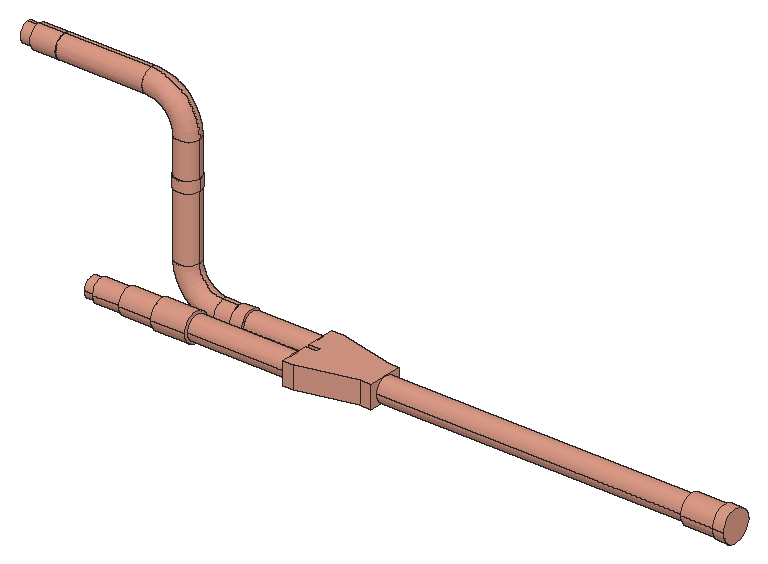
Revit family "outputfile", category 配管付属品, Revit 2024
Family settings
  丸型コネクタ寸法 = 半径を使用
  パーツ タイプ = 標準
  OmniClass 番号 = 23.65.55.00
  OmniClass タイトル = Distribution of Supplied Liquids/Gases
  作業面ベース = いいえ
  常に垂直 = はい
  ロード時にボイドで切り取り = いいえ
  共有 = いいえ
Parameters (values of type "BHFP22MA84_(1)")
  Description = ""
  製造元 = "Daikin"
  書き出し IFC クラス(タイプ) = "IfcPipeFittingType"
  Default Elevation = 0.0 mm
  定義済み IFC タイプ(タイプ) = "JUNCTION"
  Cost = 0
  モデル = "BHFP22MA84_(1)"
  Type Comments = ""
  Keynote = ""
  Type Image = (empty or 0)
  Assembly Code = ""
  table_PipeToCU_B [instance] = if(mm⇔inch, "Multi Module Kit_BHFP22MA-_Gas_PipeToCU_B", "Multi Module Kit_BHFP22MA-_Gas_PipeToCU_B_inch")  # "Multi Module Kit_BHFP22MA-_Gas_PipeToCU_B"
  table_PipeToCU_A [instance] = if(mm⇔inch, "Multi Module Kit_BHFP22MA-_Gas_PipeToCU_A", "Multi Module Kit_BHFP22MA-_Gas_PipeToCU_A_inch")  # "Multi Module Kit_BHFP22MA-_Gas_PipeToCU_A"
  table_ToMainPipe [instance] = if(mm⇔inch, "Multi Module Kit_BHFP22MA-_Gas_ToMainPipe", "Multi Module Kit_BHFP22MA-_Gas_ToMainPipe_inch")  # "Multi Module Kit_BHFP22MA-_Gas_ToMainPipe"
  switch_PipeToCU_B Reducer [instance] = if(and(Is_PipeToCU_B Reducer = 1, judge_IsOffsetPipe_ToOutdoorUnitB = 0), 1 = 1, 1 = 0)  # no
  switch_PipeToCU_B4 [instance] = if(number_PipeToCU_B < 4, 1 = 0, 1 = 1)  # yes
  switch_PipeToCU_B3 [instance] = if(number_PipeToCU_B < 3, 1 = 0, 1 = 1)  # yes
  switch_PipeToCU_B2 [instance] = if(number_PipeToCU_B < 2, 1 = 0, 1 = 1)  # yes
  switch_PipeToCU_A Reducer [instance] = if(Is_PipeToCU_A Reducer = 1, 1 = 1, 1 = 0)  # yes
  switch_ToMainPipe Reducer [instance] = if(Is_ToMainPipe Reducer = 1, 1 = 1, 1 = 0)  # no
  switch_ToMainPipe2 [instance] = if(number_ToMainPipe < 2, 1 = 0, 1 = 1)  # yes
  switch_Offset Reducer(4) [instance] = if(and([judge_JointType(1or2)] = 1, Is_PipeToCU_B Reducer = 1, judge_IsOffsetPipe_ToOutdoorUnitB = 1), 1 = 1, 1 = 0)  # no
  switch_Offset Reducer(3) [instance] = if(and([judge_JointType(1or2)] = 2, Is_PipeToCU_B Reducer = 1, judge_IsOffsetPipe_ToOutdoorUnitB = 1), 1 = 1, 1 = 0)  # no
  r_PipeToCU_B_ActualDiameter [instance] = PipeToCU_B_Gas_ActualDiameter / 2  # 9.55 mm
  r_PipeToCU_A_ActualDiameter [instance] = PipeToCU_A_Gas_ActualDiameter / 2  # 9.55 mm
  r_ToMainPipe_ActualDiameter [instance] = ToMainPipe_Gas_ActualDiameter / 2  # 15.9 mm
  number_PipeToCU_B ReducerPipe [instance] = size_lookup(table_PipeToCU_B, "reducerPipeNumber", 2, モデル, judge_IsOffsetPipe_ToOutdoorUnitB, PipeToCU_B_Gas_ActualDiameter)  # 0
  number_PipeToCU_B [instance] = size_lookup(table_PipeToCU_B, "pipeNumber", 2, モデル, judge_IsOffsetPipe_ToOutdoorUnitB, PipeToCU_B_Gas_ActualDiameter)  # 4
  number_PipeToCU_A ReducerPipe [instance] = size_lookup(table_PipeToCU_A, "reducerPipeNumber", 2, モデル, PipeToCU_A_Gas_ActualDiameter)  # 2
  number_ToMainPipe [instance] = size_lookup(table_ToMainPipe, "pipeNumber", 2, モデル, ToMainPipe_Gas_ActualDiameter)  # 2
  mm⇔inch [instance] = yes
  h_PipeToCU_B Connector [instance] = if(Is_PipeToCU_B Reducer = 1, 200.0 mm, 0.0 mm)  # 0.0 mm
  h_PipeToCU_A Connector [instance] = if(Is_PipeToCU_A Reducer = 1, 200.0 mm, 0.0 mm)  # 200.0 mm
  angle_PipeToCU_B Reducer [instance] = 90.00°  # constant formula
  Unit Type = "BHFP22MA-_Gas"
  Uniclass2015Version = "Products v1.31"
  Uniclass2015Title = "Copper pipe fittings"
  Uniclass2015Code = "Pr_65_52_63_18"
  URL = ""
  ToMainPipe_Gas_Status [instance] = size_lookup(table_ToMainPipe, "Information", "The connected pipe size is not available.", モデル, ToMainPipe_Gas_ActualDiameter)  # "Default connector size is used."
  ToMainPipe_Gas_ActualDiameter [instance] = 31.8 mm
  Tag No. [instance] = ""
  Series = "Multi Module kit"
  PipeToCU_B_Gas_Status [instance] = size_lookup(table_PipeToCU_B, "Information", "The connected pipe size is not available.", モデル, judge_IsOffsetPipe_ToOutdoorUnitB, PipeToCU_B_Gas_ActualDiameter)  # "Default connector size is used."
  PipeToCU_B_Gas_ActualDiameter [instance] = 19.1 mm
  PipeToCU_A_Gas_Status [instance] = size_lookup(table_PipeToCU_A, "Information", "The connected pipe size is not available.", モデル, PipeToCU_A_Gas_ActualDiameter)  # "Reducer is used at connector."
  PipeToCU_A_Gas_ActualDiameter [instance] = 19.1 mm
  Material_Piping = DAIKIN_Copper_Pipe
  Material_Insulation = DAIKIN_White_Insulation
  location_PipeToCU_B connector [instance] = size_lookup(table_PipeToCU_B, "Locationconnector", 0.0 mm, モデル, judge_IsOffsetPipe_ToOutdoorUnitB, PipeToCU_B_Gas_ActualDiameter)  # 0.0 mm
  location_PipeToCU_A connector [instance] = size_lookup(table_PipeToCU_A, "Locationconnector", 0.0 mm, モデル, PipeToCU_A_Gas_ActualDiameter)  # 0.0 mm
  l_PipeToCU_B connector [instance] = size_lookup(table_PipeToCU_B, "Length", 414.0 mm, モデル, judge_IsOffsetPipe_ToOutdoorUnitB, PipeToCU_B_Gas_ActualDiameter)  # 221.5 mm
  l_PipeToCU_B Reducer [instance] = 100.0 mm  # constant formula
  l_PipeToCU_B4 [instance] = size_lookup(table_PipeToCU_B, "L_Pipe4", 10.0 mm, モデル)  # 10.0 mm
  l_PipeToCU_B3 [instance] = size_lookup(table_PipeToCU_B, "L_Pipe3", 30.0 mm, モデル)  # 30.0 mm
  l_PipeToCU_B2 [instance] = size_lookup(table_PipeToCU_B, "L_Pipe2", 36.0 mm, モデル)  # 36.0 mm
  l_PipeToCU_B1 [instance] = size_lookup(table_PipeToCU_B, "L_Pipe1", 37.5 mm, モデル)  # 37.5 mm
  l_PipeToCU_B0 [instance] = size_lookup(table_PipeToCU_B, "L_Pipe0", 108.0 mm, モデル)  # 108.0 mm
  l_PipeToCU_A connector [instance] = size_lookup(table_PipeToCU_A, "Length", 320.0 mm, モデル, PipeToCU_A_Gas_ActualDiameter)  # 320.0 mm
  l_PipeToCU_A1 [instance] = size_lookup(table_PipeToCU_A, "L_Pipe1", 13.0 mm, モデル)  # 13.0 mm
  l_PipeToCU_A0 [instance] = size_lookup(table_PipeToCU_A, "L_Pipe0", 75.0 mm, モデル)  # 75.0 mm
  l_ToMainPipe connector [instance] = size_lookup(table_ToMainPipe, "Length", 384.0 mm, モデル, ToMainPipe_Gas_ActualDiameter)  # 384.0 mm
  l_ToMainPipe Reducer [instance] = size_lookup(table_ToMainPipe, "L_Reducer", 2.0 mm, モデル, ToMainPipe_Gas_ActualDiameter)  # 2.0 mm
  l_ToMainPipe2 [instance] = size_lookup(table_ToMainPipe, "L_Pipe2", 12.0 mm, モデル)  # 12.0 mm
  l_ToMainPipe1 [instance] = size_lookup(table_ToMainPipe, "L_Pipe1", 36.0 mm, モデル)  # 36.0 mm
  l_ToMainPipe0 [instance] = size_lookup(table_ToMainPipe, "L_Pipe0", 336.0 mm, モデル)  # 336.0 mm
  judge_IsOffsetPipe_ToOutdoorUnitB [instance] = 0  # constant formula
  judge_JointType(1or2) = 1
  count_PipeToCU_B Reducer [instance] = size_lookup(table_PipeToCU_B, "reducerCount", 1, モデル, judge_IsOffsetPipe_ToOutdoorUnitB, PipeToCU_B_Gas_ActualDiameter)  # 0
  count_PipeToCU_A Reducer [instance] = size_lookup(table_PipeToCU_A, "reducerCount", 1, モデル, PipeToCU_A_Gas_ActualDiameter)  # 1
  angle_PipeToCU_A Reducer [instance] = 90.00°  # constant formula
  angle_PipeToCU_A Connector [instance] = 90.00°  # constant formula
  PipeToCU_B_Gas_AvailableDiameter [instance] = size_lookup(table_PipeToCU_B, "sizeVariation", "", モデル, judge_IsOffsetPipe_ToOutdoorUnitB)  # "19.1/22.2/25.4/28.6mm"
  PipeToCU_A_Gas_AvailableDiameter [instance] = size_lookup(table_PipeToCU_A, "sizeVariation", "", モデル)  # "19.1/22.2mm"
  ToMainPipe_Gas_AvailableDiameter [instance] = size_lookup(table_ToMainPipe, "sizeVariation", "", モデル)  # "28.6/31.8/34.9mm"
  O.D_ToMainPipe Reducer [instance] = size_lookup(table_ToMainPipe, "O.D_reducer", 2.0 mm, モデル, ToMainPipe_Gas_ActualDiameter)  # 2.0 mm
  Link_Nested Family [instance] = ""
  Is_PipeToCU_B Reducer [instance] = size_lookup(table_PipeToCU_B, "IsReducer", 1, モデル, judge_IsOffsetPipe_ToOutdoorUnitB, PipeToCU_B_Gas_ActualDiameter)  # 0
  Is_PipeToCU_A Reducer [instance] = size_lookup(table_PipeToCU_A, "IsReducer", 1, モデル, PipeToCU_A_Gas_ActualDiameter)  # 1
  Is_ToMainPipe Reducer [instance] = size_lookup(table_ToMainPipe, "IsReducer", 0, モデル, ToMainPipe_Gas_ActualDiameter)  # 0
  IfcVersion = ""
  IfcExportType = "JUNCTION"
  IfcExportAs = "IfcPipeFittingType"
  Attach_Insulation [instance] = no
  I.D_PipeToCU_B4 [instance] = size_lookup(table_PipeToCU_B, "I.D_PipeSize4", 19.1 mm, モデル)  # 19.1 mm
  I.D_PipeToCU_B3 [instance] = size_lookup(table_PipeToCU_B, "I.D_PipeSize3", 22.2 mm, モデル)  # 22.2 mm
  I.D_PipeToCU_B2 [instance] = size_lookup(table_PipeToCU_B, "I.D_PipeSize2", 25.4 mm, モデル)  # 25.4 mm
  I.D_PipeToCU_B1 [instance] = size_lookup(table_PipeToCU_B, "I.D_PipeSize1", 28.6 mm, モデル)  # 28.6 mm
  I.D_PipeToCU_B0 [instance] = size_lookup(table_PipeToCU_B, "I.D_PipeSize0", 23.4 mm, モデル)  # 23.4 mm
  I.D_PipeToCU_A1 [instance] = 25.4 mm  # constant formula
  I.D_PipeToCU_A0 [instance] = 22.2 mm  # constant formula
  I.D_ToMainPipe Reducer [instance] = size_lookup(table_ToMainPipe, "I.D_reducer", 2.0 mm, モデル, ToMainPipe_Gas_ActualDiameter)  # 2.0 mm
  I.D_ToMainPipe2 [instance] = size_lookup(table_ToMainPipe, "I.D_PipeSize2", 31.8 mm, モデル)  # 31.8 mm
  I.D_ToMainPipe1 [instance] = size_lookup(table_ToMainPipe, "I.D_PipeSize1", 28.6 mm, モデル)  # 28.6 mm
  I.D_ToMainPipe0 [instance] = size_lookup(table_ToMainPipe, "I.D_PipeSize0", 23.4 mm, モデル)  # 23.4 mm
Reference planes
  plane 1 "Center (Front/Back)": y = 0
  plane 2: z = 0
  plane 3 "Center (Left/Right)": x = 225.65
  plane 4: x = 213.65
  plane 5: x = 177.65
  plane 6: x = -158.35
  plane 7: x = -243.35
  plane 8: x = -331.35
  plane 9: x = -351.35
  plane 10: x = -388.85
  plane 11: x = -424.85
  plane 12: x = -454.85
  plane 13: x = -464.85
  plane 14: y = 17.5
  plane 15: y = -17.491
  plane 16: x = -318.35
  plane 17: x = -108.35
  plane 18 "ToMainPipe_connector": x = 225.65
  plane 19 "connector_OutdoorunitA": x = -243.35
  plane 20 "connectorLocation_TooutdoorUnitB": y = -17.491
  plane 21 "connector_ToOutdoorUnitB": x = -464.85
Forms (mm)
  Extrusion 1, solid, material "DAIKIN_Copper_Pipe" <- "Material_Piping"
    sketch origin (0, 0, 0) x (1, 0, 0) y (0, 1, 0)
      loop
        line (-243.35, 1.998) -> (-231.35, 1.998) -> (-231.35, -1.998) -> (-243.35, -1.998) -> (-243.35, -33.29) -> (-231.35, -33.29) -> (-170.35, -19.109) -> (-158.35, -19.109) -> (-158.35, 18.821) -> (-170.35, 18.821) -> (-231.35, 33.29) -> (-243.35, 33.29) -> (-243.35, 1.998)
    from -12.2 to 12.2
Dimensions and locks
  locked: Extrusion 1 sketch curve to Extrusion 1 sketch curve at 37.93
  locked: Extrusion 1 sketch curve to Extrusion 1 sketch curve at 66.58
  locked: plane 6 to plane 17 at 50
  "l_PipeToCU_A0": plane 16 to plane 7
  "l_PipeToCU_A1": plane 8 to plane 16
  "l_PipeToCU_B0": plane 9 to plane 7
  "l_PipeToCU_B1": plane 10 to plane 9
  "l_PipeToCU_B2": plane 11 to plane 10
  "l_PipeToCU_B3": plane 12 to plane 11
  "l_PipeToCU_B4": plane 13 to plane 12
  locked: plane 7 to plane 6 at 85
  plane 17 to plane 5 = 286.0 mm
  "l_ToMainPipe1": plane 5 to plane 4
  "l_ToMainPipe2": plane 4 to plane 3 "Center (Left/Right)"
  "l_ToMainPipe0": plane 6 to plane 5
  "l_ToMainPipe connector": plane 6 to plane 18 "ToMainPipe_connector"
  "location_PipeToCU_A connector": plane 19 "connector_OutdoorunitA" to plane 7
  "l_PipeToCU_B connector": plane 21 "connector_ToOutdoorUnitB" to plane 7
  "location_PipeToCU_B connector": plane 20 "connectorLocation_TooutdoorUnitB" to plane 15
  plane 14 to plane 1 "Center (Front/Back)" to plane 15 = 17.5 mm locked, 17.491 mm locked
  plane 21 "connector_ToOutdoorUnitB" to plane 18 "ToMainPipe_connector" = 690.5 mm
  aligned and locked: level to plane 2
  aligned and locked: plane 2 to nested 1
  aligned and locked: plane 1 "Center (Front/Back)" to nested 1
  aligned and locked: plane 3 "Center (Left/Right)" to nested 1
  aligned and locked: plane 4 to nested 1
  aligned and locked: plane 4 to nested 2
  aligned and locked: plane 5 to nested 2
  aligned and locked: plane 5 to nested 3
  aligned and locked: plane 6 to nested 3
  aligned and locked: plane 6 to Extrusion 1
  aligned and locked: Extrusion 1 to plane 7  (x2)
  aligned and locked: plane 7 to nested 4
  aligned and locked: plane 8 to nested 5
  aligned and locked: plane 16 to nested 5
  aligned and locked: nested 5 to plane 14
  aligned and locked: nested 6 to plane 15
  aligned and locked: plane 7 to nested 6
  aligned and locked: plane 9 to nested 6
  aligned and locked: plane 10 to nested 7
  aligned and locked: plane 9 to nested 7
  aligned and locked: plane 11 to nested 8
  aligned and locked: plane 10 to nested 8
  aligned and locked: plane 12 to nested 9
  aligned and locked: plane 11 to nested 9
  aligned and locked: plane 13 to nested 10
  aligned and locked: plane 12 to nested 10
  aligned and locked: nested 10 to plane 15
  aligned and locked: nested 9 to plane 15
  aligned and locked: nested 8 to plane 15
  aligned and locked: nested 7 to plane 15
  aligned and locked: plane 1 "Center (Front/Back)" to nested 11
  aligned and locked: plane 17 to nested 11
  aligned and locked: plane 16 to nested 4
  aligned and locked: nested 12 to plane 14
  aligned and locked: plane 8 to nested 12
  aligned and locked: plane 1 "Center (Front/Back)" to nested 13
  aligned and locked: plane 18 "ToMainPipe_connector" to nested 13
  aligned and locked: plane 6 to nested 14
  aligned and locked: plane 1 "Center (Front/Back)" to nested 3
  aligned and locked: plane 14 to nested 15
  aligned and locked: nested 15 to plane 19 "connector_OutdoorunitA"
  aligned and locked: nested 16 to plane 20 "connectorLocation_TooutdoorUnitB"
  aligned and locked: nested 16 to plane 7
  aligned and locked: plane 11 to nested 17
  aligned and locked: nested 16 to plane 15
Automatic sketch dimensions
  Extrusion 1 sketch curve to plane 7 = 0.0 mm  (x2)
  Extrusion 1 sketch curve to plane 6 = 0.0 mm
  Extrusion 1 sketch curve to Extrusion 1 sketch curve = 12.0 mm  (x3)
  Extrusion 1 sketch curve to plane 1 "Center (Front/Back)" = 1.998 mm
  plane 14 to Extrusion 1 sketch curve = 1.321 mm
  Extrusion 1 sketch curve to plane 6 = 12.0 mm  (x2)
  Extrusion 1 sketch curve to plane 15 = 15.799 mm
  plane 1 "Center (Front/Back)" to Extrusion 1 sketch curve = 1.998 mm
Nested families
  nested 1: "daikin_Pipe" at (219.65, 0, 0), I.D_Pipe <- "I.D_ToMainPipe2", display <- "switch_ToMainPipe2", type "*"
    with length_Pipe 12.0 mm, display yes, O.D_Pipe 33.8 mm, I.D_Pipe 31.8 mm
  nested 2: "daikin_Pipe" at (195.65, 0, 0), I.D_Pipe <- "I.D_ToMainPipe1", type "*"
    with length_Pipe 36.0 mm, display yes, O.D_Pipe 30.6 mm, I.D_Pipe 28.6 mm
  nested 3: "daikin_Pipe" at (9.65, 0, 0), I.D_Pipe <- "I.D_ToMainPipe0", type "*"
    with length_Pipe 336.0 mm, display yes, O.D_Pipe 25.4 mm, I.D_Pipe 23.4 mm
  nested 4: "daikin_Pipe" at (-280.85, 17.644, 0), I.D_Pipe <- "I.D_PipeToCU_A0", type "*"
    with length_Pipe 75.0 mm, display yes, O.D_Pipe 24.2 mm, I.D_Pipe 22.2 mm
  nested 5: "daikin_Pipe" at (-324.85, 17.5, 0), I.D_Pipe <- "I.D_PipeToCU_A1", type "*"
    with length_Pipe 13.0 mm, display yes, O.D_Pipe 27.4 mm, I.D_Pipe 25.4 mm
  nested 6: "daikin_Pipe" at (-297.35, -17.491, 0), I.D_Pipe <- "I.D_PipeToCU_B0", type "*"
    with length_Pipe 108.0 mm, display yes, O.D_Pipe 25.4 mm, I.D_Pipe 23.4 mm
  nested 7: "daikin_Pipe" at (-370.1, -17.491, 0), I.D_Pipe <- "I.D_PipeToCU_B1", type "*"
    with length_Pipe 37.5 mm, display yes, O.D_Pipe 30.6 mm, I.D_Pipe 28.6 mm
  nested 8: "daikin_Pipe" at (-406.85, -17.491, 0), I.D_Pipe <- "I.D_PipeToCU_B2", display <- "switch_PipeToCU_B2", type "*"
    with length_Pipe 36.0 mm, display yes, O.D_Pipe 27.4 mm, I.D_Pipe 25.4 mm
  nested 9: "daikin_Pipe" at (-439.85, -17.491, 0), display <- "switch_PipeToCU_B3", I.D_Pipe <- "I.D_PipeToCU_B3", visible <- "switch_PipeToCU_B3", type "*"
    with length_Pipe 30.0 mm, display yes, O.D_Pipe 24.2 mm, I.D_Pipe 22.2 mm
  nested 10: "daikin_Pipe" at (-459.85, -17.491, 0), display <- "switch_PipeToCU_B4", I.D_Pipe <- "I.D_PipeToCU_B4", visible <- "switch_PipeToCU_B4", type "*"
    with length_Pipe 10.0 mm, display yes, O.D_Pipe 21.1 mm, I.D_Pipe 19.1 mm
  nested 11: "daikin_MultiModeluKit_Insulation" at (-108.35, 0, 0), display <- "Attach_Insulation", type "*"
    with h 54.2 mm, display no, I.D_Outlet PipeSize 22.2 mm
  nested 12: "daikin_Multi Module kit_Reducer90_rotate" at (-331.35, 17.5, 0), number_reducerPipe <- "number_PipeToCU_A ReducerPipe", angle_Pipe <- "angle_PipeToCU_A Reducer", visible <- "switch_PipeToCU_A Reducer", type "PipeToCU_A"
    with number_reducerPipe 2, angle_Pipe 90.00°, I.D_connector 19.1 mm
  nested 13: "daikin_Pipe_reducer" at (224.65, 0, 0), I.D_Pipe1 <- "I.D_ToMainPipe Reducer", O.D_Pipe2 <- "O.D_ToMainPipe Reducer", length_Pipe <- "l_ToMainPipe Reducer", display <- "switch_ToMainPipe Reducer", type "*"
    with length_Pipe 2.0 mm, display no, O.D_Pipe2 2.0 mm, O.D_Pipe1 4.0 mm, I.D_Pipe2 0.0 mm, I.D_Pipe1 2.0 mm
  nested 14: "daikin_connector_rotate3" at (-158.35, 0, 0) x (0, 1, 0) z (0, 0, 1), length <- "l_ToMainPipe connector", type "daikin_connector_rotate3"
    with radius 10.0 mm, length 384.0 mm, angle_vertical 90.00°, angle_horizontal 0.00°
  nested 15: "daikin_connector_rotate3" at (-243.35, 17.5, 200) x (-1, 0, 0) z (0, 0, 1), length <- "l_PipeToCU_A connector", angle_vertical <- "angle_PipeToCU_A Connector", built-in parameter 1001364 <- "h_PipeToCU_A Connector", type "daikin_connector_rotate3"
    with radius 10.0 mm, length 320.0 mm, angle_vertical 90.00°, angle_horizontal 90.00°
  nested 16: "daikin_connector_rotate3" at (-243.35, -17.491, 0) x (0, -1, 0) z (0, 0, 1), length <- "l_PipeToCU_B connector", built-in parameter 1001364 <- "h_PipeToCU_B Connector", type "daikin_connector_rotate3"
    with radius 10.0 mm, length 221.5 mm, angle_vertical 90.00°, angle_horizontal 0.00°
  nested 17: "daikin_Multi Module kit_Reducer90_rotate" at (-424.85, -17.491, 0), number_reducerPipe <- "number_PipeToCU_B ReducerPipe", angle_Pipe <- "angle_PipeToCU_B Reducer", visible <- "switch_PipeToCU_B Reducer", type "PipeToCU_B"
    with number_reducerPipe 0, angle_Pipe 90.00°, I.D_connector 34.9 mm, l_Pipe0 57.5 mm
Connectors
  piping at (225.65, 0, 0), diameter 31.8, driven by "r_ToMainPipe_ActualDiameter"
    settings: on nested 14, index 1, connector inside diameter 609.6 mm, connector length 0.0 mm, flow factor 0, pipe flow 0.00 m³/h, pressure drop 0.0 Pa, fitting loss kfactor 0, connector angle 0.00°, fixture units 0, engagement length 0.0 mm, angle of deflection 0.00°, flow configuration 0, flow direction 1, fitting loss method 0, system type 29, joint type 0, gender type 0, connector reference index -1, connector utility 0, adjustable connector no, is connector primary yes, connector description "Multi Module kit_to Main Pipe_Gas"
  piping at (-563.35, 17.5, 200), diameter 19.1, driven by "r_PipeToCU_A_ActualDiameter"
    settings: on nested 15, index 2, connector inside diameter 609.6 mm, connector length 0.0 mm, flow factor 0, pipe flow 0.00 m³/h, pressure drop 0.0 Pa, fitting loss kfactor 0, connector angle 0.00°, fixture units 0, engagement length 0.0 mm, angle of deflection 0.00°, flow configuration 0, flow direction 2, fitting loss method 0, system type 29, joint type 0, gender type 0, connector reference index -1, connector utility 0, adjustable connector no, is connector primary no, connector description "Multi Module kit_Piping to CU-A_Gas"
  piping at (-464.85, -17.491, 0), diameter 19.1, driven by "r_PipeToCU_B_ActualDiameter"
    settings: on nested 16, index 3, connector inside diameter 609.6 mm, connector length 0.0 mm, flow factor 0, pipe flow 0.00 m³/h, pressure drop 0.0 Pa, fitting loss kfactor 0, connector angle 0.00°, fixture units 0, engagement length 0.0 mm, angle of deflection 0.00°, flow configuration 0, flow direction 2, fitting loss method 0, system type 29, joint type 0, gender type 0, connector reference index -1, connector utility 0, adjustable connector no, is connector primary no, connector description "Multi Module kit_Piping to CU-B_Gas"
Definition of nested family "daikin_Pipe"
  Parameters (values of type "*")
    Default Elevation = 0.0 mm
    material = none
    length_Pipe [instance] = 150.0 mm
    display [instance] = yes
    O.D_Pipe [instance] = I.D_Pipe + 2.0 mm  # 27.0 mm
    I.D_Pipe [instance] = 25.0 mm
  Reference planes
    plane 1 "Center (Front/Back)": y = 0
    plane 2 "center(vertical)": z = 0
    plane 3 "Center (Left/Right)": x = 0
    plane 4 "left": x = -75
    plane 5 "right": x = 75
  Forms (mm)
    Extrusion 1, solid, material <- "material", visible <- "display"
      sketch origin (0, 0, 0) x (0, 1, 0) y (0, 0, 1)
        loop
          circle (0, 0) r 13.5
      from -75 to 75
  Dimensions and locks
    equal spacing: plane 4 "left", plane 3 "Center (Left/Right)", plane 5 "right"
    "length_Pipe": plane 4 "left" to plane 5 "right"
    "O.D_Pipe": diameter of Extrusion 1 sketch curve
    aligned and locked: level to plane 2 "center(vertical)"
    aligned and locked: plane 2 "center(vertical)" to Extrusion 1 sketch curve
    aligned and locked: plane 1 "Center (Front/Back)" to Extrusion 1 sketch curve
    aligned and locked: plane 5 "right" to Extrusion 1
    aligned and locked: Extrusion 1 to plane 4 "left"
Definition of nested family "daikin_Multi Module kit_Reducer90_rotate"
  Parameters (values of type "PipeToCU_A")
    Default Elevation = 0.0 mm
    number_reducerPipe [instance] = 4
    material_Pipe = none
    l_Pipe0 = 57.0 mm
    angle_Pipe [instance] = 30.00°
    I.D_connector [instance] = 34.9 mm
  Types (2, lengths in mm): name | l_Pipe0
    PipeToCU_A | 57.0
    PipeToCU_B | 55.0
  Reference planes
    plane 1 "Center (Front/Back)": y = 0
    plane 2: z = 0
    plane 3 "Center (Left/Right)": x = 0
  Dimensions and locks
    "angle_Pipe": angle plane 2 to nested 1
    aligned and locked: level to plane 2
  Nested families
    nested 1: "daikin_Multi Module kit_Reducer90" at (0, 0, 0) x (1, 0, 0) z (0, -0.5, 0.866), I.D_connector <- "I.D_connector", ReducerPipe <- "number_reducerPipe", l_Pipe0 <- "l_Pipe0", type "*"
      with l_Pipe0 57.0 mm, display_Pipe4 no, display_Pipe3 no, ReducerPipe 4, I.D_connector 34.9 mm
  Definition of nested family "daikin_Multi Module kit_Reducer90"
    Parameters (values of type "*")
      Default Elevation = 0.0 mm
      material_Pipe = none
      l_Pipe0 [instance] = 57.0 mm
      display_Pipe4 [instance] = ReducerPipe = 2  # no
      display_Pipe3 [instance] = or(ReducerPipe = 1, ReducerPipe = 2)  # no
      ReducerPipe [instance] = 0
      O.D_Pipe4 = 19.1 mm + 2.0 mm  # 21.1 mm
      O.D_Pipe3 = 24.9 mm  # constant formula
      O.D_Pipe2 = 25.4 mm  # constant formula
      O.D_Pipe1 = 27.4 mm  # constant formula
      O.D_Pipe0 = 25.4 mm  # constant formula
      I.D_connector [instance] = 0.0 mm
    Reference planes
      plane 1 "Center (Front/Back)": y = 0
      plane 2 "center_vertical": z = 0
      plane 3 "Center (Left/Right)": x = 0
      plane 4 "center_toOutdoor": x = -57
      plane 5: y = 110
      plane 6: y = 122
      plane 7: y = 200
      plane 8: x = -192
      plane 9: x = -220
      plane 10: x = -232
    Forms (mm)
      Sweep 1, solid, material <- "material_Pipe"
        path origin (0, 0, 0) x (1, 0, 0) y (0, 1, 0)
          loop
            line (0, 0) -> (-18.241, 0)
            arc (-18.241, 0) -> (-45.648, 11.352) -> (-57, 38.759) r 38.759
            line (-57, 38.759) -> (-57, 110)
        profile origin (-9.12, 0, 0) x (0, -1, 0) y (0, 0, 1)
          loop
            circle (0, 0) r 12.7
      Extrusion 2, solid, material <- "material_Pipe"
        sketch origin (0, 0, 0) x (1, 0, 0) y (0, 0, 1)
          loop
            circle (-57, 0) r 13.7
        from -122 to -110
      Sweep 3, solid, material <- "material_Pipe"
        path origin (0, 0, 0) x (1, 0, 0) y (0, 1, 0)
          loop
            line (-57, 122) -> (-57, 160)
            arc (-57, 160) -> (-68.716, 188.284) -> (-97, 200) r 40
            line (-97, 200) -> (-192, 200)
        profile origin (-57, 141, 0) x (-1, 0, 0) y (0, 0, 1)
          loop
            circle (0, 0) r 12.7
      Extrusion 4, solid, material <- "material_Pipe", visible <- "display_Pipe3"
        sketch origin (0, 0, 0) x (0, 1, 0) y (0, 0, 1)
          loop
            circle (200, 0) r 12.45
        from -220 to -192
      Extrusion 5, solid, material <- "material_Pipe", visible <- "display_Pipe4"
        sketch origin (0, -10.14, 0) x (0, 1, 0) y (0, 0, 1)
          loop
            circle (210.14, 0) r 10.55
        from -232 to -220
    Lines and regions (mm)
      reference lines
        curve 1: line (0, 0, 0) -> (-57, 0, 0)
    Dimensions and locks
      locked: plane 1 "Center (Front/Back)" to plane 5 at 110
      locked: plane 6 to plane 5 at 12
      "l_Pipe0": plane 4 "center_toOutdoor" to plane 3 "Center (Left/Right)"
      plane 1 "Center (Front/Back)" to plane 7 = 200.0 mm
      locked: plane 8 to plane 4 "center_toOutdoor" at 135
      locked: plane 9 to plane 8 at 28
      locked: plane 10 to plane 9 at 12
      plane 10 to plane 3 "Center (Left/Right)" = 232.0 mm
      "O.D_Pipe0": diameter of Sweep 1 sketch curve
      "O.D_Pipe1": diameter of Extrusion 2 sketch curve
      "O.D_Pipe2": diameter of Sweep 3 sketch curve
      "O.D_Pipe3": diameter of Extrusion 4 sketch curve
      "O.D_Pipe4": diameter of Extrusion 5 sketch curve
      aligned and locked: level to plane 2 "center_vertical"
      aligned and locked: plane 6 to Extrusion 2
      aligned and locked: Extrusion 2 to plane 5
      aligned and locked: Sweep 1 sketch curve to plane 1 "Center (Front/Back)"
      aligned and locked: plane 3 "Center (Left/Right)" to curve 1
      aligned and locked: curve 1 to plane 1 "Center (Front/Back)"
      aligned and locked: plane 4 "center_toOutdoor" to Sweep 3 sketch curve
      aligned and locked: plane 2 "center_vertical" to Sweep 3 sketch curve
      aligned and locked: plane 2 "center_vertical" to Extrusion 4 sketch curve
      aligned and locked: plane 7 to Extrusion 4 sketch curve
      aligned and locked: Extrusion 4 to plane 9
      aligned and locked: plane 8 to Extrusion 4
      aligned and locked: Extrusion 5 to plane 10
      aligned and locked: plane 9 to Extrusion 5
      aligned and locked: plane 7 to Extrusion 5 sketch curve
      aligned and locked: plane 2 "center_vertical" to Extrusion 5 sketch curve
    Automatic sketch dimensions
      Sweep 1 sketch curve to plane 4 "center_toOutdoor" = 0.0 mm
      Sweep 1 sketch curve to plane 3 "Center (Left/Right)" = 0.0 mm
      Sweep 1 sketch curve to plane 5 = 0.0 mm
      Sweep 1 sketch curve to plane 3 "Center (Left/Right)" = 18.241 mm
      curve 1 to plane 4 "center_toOutdoor" = 0.0 mm
      Sweep 3 sketch curve to plane 7 = 0.0 mm
      Sweep 3 sketch curve to plane 8 = 0.0 mm
      Sweep 3 sketch curve to plane 4 "center_toOutdoor" = 0.0 mm
      Sweep 3 sketch curve to plane 6 = 0.0 mm
      Sweep 3 sketch curve to plane 4 "center_toOutdoor" = 40.0 mm
      Sweep 1 sketch curve to level = 0.0 mm
      Sweep 1 sketch curve to profile plane = 0.0 mm
      Extrusion 2 sketch curve to level = 0.0 mm
      Extrusion 2 sketch curve to plane 4 "center_toOutdoor" = 0.0 mm
Definition of nested family "daikin_MultiModeluKit_Insulation"
  Parameters (values of type "*")
    Default Elevation = 0.0 mm
    Model = ""
    material = none
    h [instance] = (I.D_Outlet PipeSize + 2.0 mm) + 30.0 mm  # 47.0 mm
    display [instance] = yes
    I.D_Outlet PipeSize [instance] = 15.0 mm
  Reference planes
    plane 1 "Center (Front/Back)": y = 0
    plane 2: z = 0
    plane 3 "Left": x = 0
    plane 4 "top": z = 23.5
    plane 5 "bottom": z = -23.5
  Forms (mm)
    Extrusion 1, solid, material <- "material", visible <- "display"
      sketch origin (0, 0, 0) x (1, 0, 0) y (0, 1, 0)
        loop
          line (0, -27.7) -> (0, 27.7) -> (-123, 45.79) -> (-206, 45.79) -> (-206, 7.021) -> (-269.393, 10) -> (-321, 10) -> (-321, -45.79) -> (-123, -45.79) -> (0, -27.7)
      from -23.5 to 23.5
  Dimensions and locks
    equal spacing: plane 4 "top", plane 2, plane 5 "bottom"
    "h": plane 4 "top" to plane 5 "bottom"
    aligned and locked: level to plane 2
    aligned and locked: plane 3 "Left" to Extrusion 1
    aligned and locked: Extrusion 1 to plane 5 "bottom"
    aligned and locked: plane 4 "top" to Extrusion 1
  Automatic sketch dimensions
    Extrusion 1 sketch curve to plane 3 "Left" = 0.0 mm
    Extrusion 1 sketch curve to plane 1 "Center (Front/Back)" = 45.79 mm
    Extrusion 1 sketch curve to plane 3 "Left" = 123.0 mm
    Extrusion 1 sketch curve to Extrusion 1 sketch curve = 83.0 mm
    Extrusion 1 sketch curve to plane 1 "Center (Front/Back)" = 10.0 mm
    Extrusion 1 sketch curve to Extrusion 1 sketch curve = 63.393 mm
    Extrusion 1 sketch curve to Extrusion 1 sketch curve = 51.607 mm
    Extrusion 1 sketch curve to plane 1 "Center (Front/Back)" = 7.021 mm
    plane 1 "Center (Front/Back)" to Extrusion 1 sketch curve = 45.79 mm
    Extrusion 1 sketch curve to plane 1 "Center (Front/Back)" = 27.7 mm
    Extrusion 1 sketch curve to Extrusion 1 sketch curve = 0.0 mm
    plane 1 "Center (Front/Back)" to Extrusion 1 sketch curve = 27.7 mm
Definition of nested family "daikin_Pipe_reducer"
  Parameters (values of type "*")
    Default Elevation = 0.0 mm
    material = none
    length_Pipe [instance] = 250.0 mm
    display [instance] = yes
    O.D_Pipe2 [instance] = 19.1 mm
    O.D_Pipe1 [instance] = I.D_Pipe1 + 2.0 mm  # 24.2 mm
    I.D_Pipe2 [instance] = O.D_Pipe2 - 2.0 mm  # 17.1 mm
    I.D_Pipe1 [instance] = 22.2 mm
  Reference planes
    plane 1 "Center (Front/Back)": y = 0
    plane 2 "center(vertical)": z = 0
    plane 3 "Center (Left/Right)": x = 0
    plane 4 "connection": x = -125
    plane 5 "right": x = 113
    plane 6: x = 125
  Forms (mm)
    Extrusion 1, solid, material <- "material", visible <- "display"
      sketch origin (0, 0, 0) x (0, 1, 0) y (0, 0, 1)
        loop
          circle (0, 0) r 9.55
      from -125 to 113
    Extrusion 2, solid, material <- "material", visible <- "display"
      sketch origin (0, 0, 0) x (0, 1, 0) y (0, 0, 1)
        loop
          circle (0, 0) r 12.1
      from 113 to 125
  Dimensions and locks
    locked: plane 5 "right" to plane 6 at 12
    "length_Pipe": plane 4 "connection" to plane 6
    equal spacing: plane 4 "connection", plane 3 "Center (Left/Right)", plane 6
    "O.D_Pipe2": diameter of Extrusion 1 sketch curve
    "O.D_Pipe1": diameter of Extrusion 2 sketch curve
    aligned and locked: level to plane 2 "center(vertical)"
    aligned and locked: plane 2 "center(vertical)" to Extrusion 1 sketch curve
    aligned and locked: plane 1 "Center (Front/Back)" to Extrusion 1 sketch curve
    aligned and locked: plane 5 "right" to Extrusion 1
    aligned and locked: Extrusion 1 to plane 4 "connection"
    aligned and locked: plane 2 "center(vertical)" to Extrusion 2 sketch curve
    aligned and locked: plane 1 "Center (Front/Back)" to Extrusion 2 sketch curve
    aligned and locked: Extrusion 2 to plane 5 "right"
    aligned and locked: plane 6 to Extrusion 2
Definition of nested family "daikin_connector_rotate3"
  Parameters (values of type "daikin_connector_rotate3")
    Default Elevation = 1219.2 mm
    show_face = no
    show_circle = no
    radius [instance] = 10.0 mm
    length [instance] = 600.0 mm
    angle_horizontal [instance] = 60.00°
    angle_vertical [instance] = 90.00°
  Reference planes
    plane 1 "Center (Front/Back)": y = 0
    plane 2: z = 0
    plane 3 "Center (Left/Right)": x = 0
  Dimensions and locks
    "angle_horizontal": angle plane 3 "Center (Left/Right)" to nested 1
    aligned and locked: level to plane 2
    aligned and locked: plane 1 "Center (Front/Back)" to nested 1  (x2)
    aligned and locked: plane 3 "Center (Left/Right)" to nested 1
  Nested families
    nested 1: "daikin_connector_rotate2" at (0, 0, 0) x (0.5, 0.866, 0) z (0, 0, 1), angle_vertical <- "angle_vertical", length <- "length", radius <- "radius", type "daikin_connector_rotate2"
      with radius 10.0 mm, length 600.0 mm, angle_vertical 90.00°, Default Elevation 0.0 mm, show_circle no
  Definition of nested family "daikin_connector_rotate2"
    Parameters (values of type "daikin_connector_rotate2")
      Default Elevation = 1219.2 mm
      show_face = no
      show_circle = yes
      radius [instance] = 10.0 mm
      length [instance] = 600.0 mm
      d_surface = 10.0 mm
      angle_vertical [instance] = 90.00°
    Reference planes
      plane 1 "Center (Front/Back)": y = 0
      plane 2: z = 0
      plane 3 "Center (Left/Right)": x = 0
    Forms (mm)
      Extrusion 1, solid, visible <- "show_face"
        sketch origin (0, -600, 0) x (1, 0, 0) y (0, 0, 1)
          loop
            circle (0, 0) r 10
        from 0 to -10
    Lines and regions (mm)
      reference lines
        curve 1: line (0, 0, 0) -> (0, -600, 0)
      symbolic lines, visible <- "show_circle"
        curve 2: circle (0, 0, 0) r 5 normal (0, 0, 1)
      model lines, visible <- "show_face"
        curve 3: line (0, 0, 0) -> (0, -600, 0)
    Dimensions and locks
      "length": curve 1 to curve 1
      "length": curve 3 to curve 3
      "d_surface": Extrusion 1 to Extrusion 1
      "radius": radius of Extrusion 1 sketch curve
      "angle_vertical": angle curve 1 to plane 1 "Center (Front/Back)"
      "angle_vertical": angle curve 3 to plane 1 "Center (Front/Back)"
      aligned and locked: level to plane 2
      aligned and locked: plane 1 "Center (Front/Back)" to curve 1
      aligned and locked: plane 2 to curve 1
      aligned and locked: plane 1 "Center (Front/Back)" to curve 2
      aligned and locked: plane 3 "Center (Left/Right)" to curve 2
      aligned and locked: plane 1 "Center (Front/Back)" to curve 3
      aligned and locked: plane 2 to curve 3
      aligned and locked: Extrusion 1 to Extrusion 1
    Automatic sketch dimensions
      Extrusion 1 sketch curve to level = 0.0 mm
      Extrusion 1 sketch curve to plane 3 "Center (Left/Right)" = 0.0 mm
      radius of curve 2 = 5.0 mm
